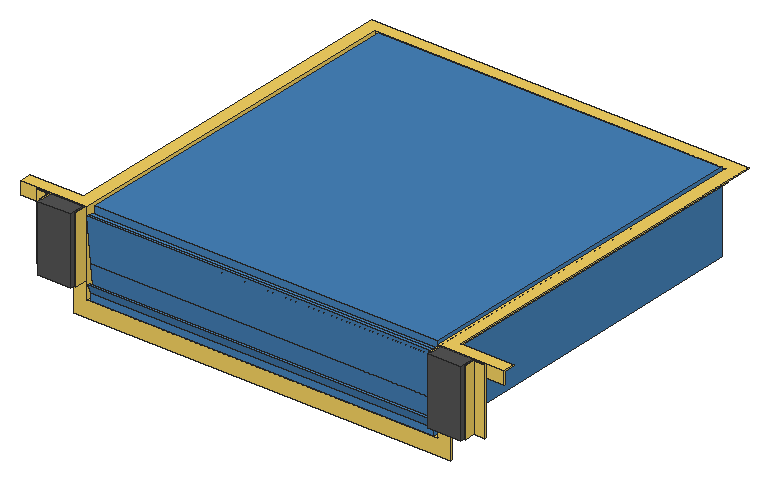
Revit family "DockLeveler_M-Series_BlueGiant", category Specialty Equipment, host Face, Revit 2026
Family settings
  Host = Face
  Round Connector Dimension = Use Diameter
  Part Type = Normal
  Enable Cutting in Views = No
  Cut with Voids When Loaded = No
  Maintain Annotation Orientation = No
  Shared = No
  Room Calculation Point = No
Parameters (values of type "7008")
  offsetangles [instance] = if(Steel Pit Angles, 0.00", Pit Depth + 24.00")  # 0.00"
  Warranty Duration (Years) = 0
  Unit Width = 83.00"
  Unit Length [instance] = 99.50"
  URL = "http://www.bluegiant.com/"
  Textured Surface [instance] = Metal - Blue Giant - Textured Surface
  Test Data = ""
  Steel Pit Angles [instance] = yes
  Steel Angle Finish [instance] = Metal - Blue Giant - Safety Yellow
  Steel Angle Extension at Opening [instance] = 16.00"
  Specification = "http://www.arcat.com/sdspecs/htm/11160blu.htm"
  SpecWizard = "http://www.arcat.com/specwizard/11160blu/index.htm?mf=&coid=38505"
  Send Message = "http://www.arcat.com/users.pl?action=UserEmail&amp;company=Blue+Giant+Equipment+Corp.&amp;coid=38505&amp;rep=119&amp;fax=905-457-2313&amp;mf=95"
  Sales Information = "http://www.bluegiant.com/Loading_Dock_Dealer_Locations.html"
  Revision = "R1_06_2014"
  Rear Pit Offset = 0.50"
  Product Properties = ""
  Product Data = "http://www.arcat.com/arcatcos/cos38/arc38505.html"
  Pit Width = 85.00"
  Pit Length = 87.00"
  Pit Depth = 20.00"
  Model = "7008"
  Manufacturer Website = "http://www.bluegiant.com/"
  Manufacturer Phone - Toll Free = "800-668-7078"
  Manufacturer Phone = "905-457-3900"
  Manufacturer Fax = "905-457-2313"
  Manufacturer Address = "85 Heart Lake Rd. S.; Brampton; ON; Canada L6W 3K2"
  Manufacturer = "Blue Giant Equipment Corp."
  Maintenance Schedule (Months) = 0
  Lip Length [instance] = 16.00"
  Lip Inset = 0.00"
  Keynote = "11600"
  Installation-Fabrication = "http://www.bluegiant.com/Guide/Loading_Dock_Equipment.html"
  Installation Phase = ""
  Include Generic Bumpers [instance] = yes
  Green Building-LEED = "http://www.arcat.com/green/clients/leed_data_38505.html"
  Generic Bumper Width [instance] = 8.00"
  Generic Bumper Height [instance] = 16.00"
  Fixture Material [instance] = Metal - Blue Giant - Blue
  Expected Lifespan (Years) = 0
  Drawn By = "Sumex Design, Inc. / Robert S. Weygant, CSI, CDT, SCIP"
  Description = "Blue Giant MU7008 Mechanical Dock Leveler as Specified"
  Default Elevation = 0.00"
  Copyright = "©Arcat Inc."
  Construction Details = "http://www.arcat.com/details/bluegian/bluegian.html?coid=38505"
  Capacity = "[30000][35000][40000][45000] lbs"
  Bumper Finish [instance] = Rubber - Blue Giant - Black
  Building Codes = ""
  Available Options = "as Specified"
  Assembly Code = "E1030300"
Types (9): name | Unit Width | Unit Length | Pit Width | Pit Length | Model | Description | Capacity
  7010 | 83.00" | 123.50" | 85.00" | 111.00" | "7010" | "Blue Giant MU7010 Mechanical Dock Leveler as Specified" | "30000 lbs"
  7008 | 83.00" | 99.50" | 85.00" | 87.00" | "7008" | "Blue Giant MU7008 Mechanical Dock Leveler as Specified" | "[30000][35000][40000][45000] lbs"
  7006 | 83.00" | 75.50" | 85.00" | 63.00" | "7006" | "Blue Giant MU7006 Mechanical Dock Leveler as Specified" | "[30000][35000][40000][45000] lbs"
  6610 | 78.00" | 123.50" | 80.00" | 111.00" | "6610" | "Blue Giant MU6610 Mechanical Dock Leveler as Specified" | "30000 lbs"
  6608 | 78.00" | 99.50" | 80.00" | 87.00" | "6608" | "Blue Giant MU6608 Mechanical Dock Leveler as Specified" | "[30000][35000][40000][45000] lbs"
  6606 | 78.00" | 75.50" | 80.00" | 63.00" | "6606" | "Blue Giant MU6606 Mechanical Dock Leveler as Specified" | "[30000][35000][40000][45000] lbs"
  6010 | 72.00" | 123.50" | 74.00" | 111.00" | "6010" | "Blue Giant MU6010 Mechanical Dock Leveler as Specified" | "30000 lbs"
  6008 | 72.00" | 99.50" | 74.00" | 87.00" | "6008" | "Blue Giant MU6008 Mechanical Dock Leveler as Specified" | "[30000][35000][40000][45000] lbs"
  6006 | 72.00" | 75.50" | 74.00" | 63.00" | "6006" | "Blue Giant MU6006 Mechanical Dock Leveler as Specified" | "[30000][35000][40000][45000] lbs"
Reference planes (in)
  plane 1 "Center (Front/Back)": y = 1.5
  plane 2: z = 0
  plane 3 "Center (Left/Right)": x = 0
  plane 4: y = 45
  plane 5 "Pit Front": y = -42
  plane 6: x = -42.5
  plane 7: x = 42.5
  plane 8: x = -41.5
  plane 9: x = 41.5
  plane 10 "Pit Base": z = -20
  plane 11: z = -19.5
  plane 12: z = 0
  plane 13 "Top of Steel Angle": z = -20
  plane 14: z = -24
  plane 15: y = -38
  plane 16: x = -40.5
  plane 17: x = 40.5
  plane 18: x = 41.5
  plane 19: x = -41.5
  plane 20: x = -43.125
  plane 21: x = 43.125
  plane 22: x = -51.125
  plane 23: x = 51.125
  plane 24: z = -16
  plane 25: x = -58.5
  plane 26: x = 58.5
Forms (in)
  Extrusion 1, void
    sketch origin (0, 0, 0) x (0, 1, 0) y (0, 0, 1)
      loop
        line (-42, 0) -> (-42, -20) -> (-38, -20) -> (45, -19.5) -> (45, 0) -> (-42, 0)
    from -42.5 to 42.5
  Sweep 2, solid, material "Metal - Blue Giant - Safety Yellow" <- "Steel Angle Finish", visible <- "Steel Pit Angles"
    path origin (-34.2385, -180, 0) x (-1, 0, 0) y (0, -1, 0)
      loop
        line (-92.7385, -138) -> (-76.7385, -138) -> (-76.7385, -225) -> (8.2615, -225) -> (8.2615, -138) -> (24.2615, -138)
    profile origin (-50.5, -42, 0) x (0, -1, 0) y (0, 0, 1)
      loop
        line (0, 0) -> (-3, 0) -> (-3, -0.25) -> (-0.25, -0.25) -> (-0.25, -3) -> (0, -3) -> (0, 0)
  Sweep 3, void
    path origin (-34.2385, -180, 0) x (-1, 0, 0) y (0, -1, 0)
      loop
        line (-92.7385, -138) -> (-76.7385, -138) -> (-76.7385, -225) -> (8.2615, -225) -> (8.2615, -138) -> (24.2615, -138)
    profile origin (-50.5, -42, 0) x (0, -1, 0) y (0, 0, 1)
      loop
        line (0, 0) -> (-3, 0) -> (-3, -0.25) -> (-0.25, -0.25) -> (-0.25, -3) -> (0, -3) -> (0, 0)
  Extrusion 4, solid, material "Metal - Blue Giant - Safety Yellow" <- "Steel Angle Finish", visible <- "Steel Pit Angles"
    sketch origin (0, 0, 0) x (1, 0, 0) y (0, 1, 0)
      loop
        line (-42.5, -42) -> (-42.5, -39) -> (-42.75, -39) -> (-42.75, -41.75) -> (-45.5, -41.75) -> (-45.5, -42) -> (-42.5, -42)
      loop
        line (42.5, -42) -> (45.5, -42) -> (45.5, -41.75) -> (42.75, -41.75) -> (42.75, -39) -> (42.5, -39) -> (42.5, -42)
    from -24 to -3
  Extrusion 5, void
    sketch origin (0, 0, 0) x (1, 0, 0) y (0, 1, 0)
      loop
        line (-42.5, -39) -> (-42.75, -39) -> (-42.75, -41.75) -> (-45.5, -41.75) -> (-45.5, -42) -> (-42.5, -42) -> (-42.5, -39)
      loop
        line (42.5, -39) -> (42.5, -42) -> (45.5, -42) -> (45.5, -41.75) -> (42.75, -41.75) -> (42.75, -39) -> (42.5, -39)
    from -24 to 0
  Sweep 6, solid, material "Metal - Blue Giant - Safety Yellow" <- "Steel Angle Finish", visible <- "Steel Pit Angles"
    path origin (0, 1.5, 0) x (1, 0, 0) y (0, 0, 1)
      loop
        line (-42.5, -20) -> (42.5, -20)
    profile origin (0, 1.5, -20) x (0, 0, 1) y (0, -1, 0)
      loop
        line (0, 43.5) -> (-4, 43.5) -> (-4, 43.25) -> (-0.25, 43.25) -> (-0.25, 39.5) -> (0, 39.5) -> (0, 43.5)
  Sweep 7, void
    path origin (0, 1.5, 0) x (1, 0, 0) y (0, 0, 1)
      loop
        line (-42.5, -20) -> (42.5, -20)
    profile origin (0, 1.5, -20) x (0, 0, 1) y (0, -1, 0)
      loop
        line (0, 43.5) -> (-4, 43.5) -> (-4, 43.25) -> (-0.25, 43.25) -> (-0.25, 39.5) -> (0, 39.5) -> (0, 43.5)
  Extrusion 8, solid, material "Metal - Blue Giant - Blue" <- "Fixture Material"
    sketch origin (0, 0, 0) x (0, 1, 0) y (0, 0, 1)
      loop
        line (45, -19.5) -> (45, 0) -> (-40.75, 0) -> (-40.75, -17.0303) -> (-42, -17.0303) -> (-42.375, -16) -> (-42.76955, -16.1436) -> (-42, -18.25791) -> (-42, -20) -> (-38, -20) -> (45, -19.5)
    from -41.5 to 41.5
  Extrusion 9, solid, material "Metal - Blue Giant - Blue" <- "Fixture Material"
    sketch origin (0, 0, 0) x (0, 1, 0) y (0, 0, 1)
      loop
        line (-40.77952, -16.9129) -> (-42.45197, -1.00055) -> (-43.07355, -1.06588) -> (-41.92374, -12.00562) -> (-41.22745, -16.95998) -> (-40.77952, -16.9129)
    from -41.5 to 41.5
  Extrusion 10, solid, material "Metal - Blue Giant - Safety Yellow" <- "Steel Angle Finish", visible <- "Include Generic Bumpers"
    sketch origin (0, 0, 0) x (1, 0, 0) y (0, 1, 0)
      loop
        line (-43.125, -42) -> (-43.125, -45) -> (-42.75, -45) -> (-42.75, -42) -> (-43.125, -42)
      loop
        line (-54.125, -42) -> (-54.125, -42.375) -> (-51.5, -42.375) -> (-51.5, -45) -> (-51.125, -45) -> (-51.125, -42) -> (-54.125, -42)
      loop
        line (43.125, -42) -> (42.75, -42) -> (42.75, -45) -> (43.125, -45) -> (43.125, -42)
      loop
        line (54.125, -42) -> (51.125, -42) -> (51.125, -45) -> (51.5, -45) -> (51.5, -42.375) -> (54.125, -42.375) -> (54.125, -42)
    from 0 to -16
  Extrusion 11, solid, material "Rubber - Blue Giant - Black" <- "Bumper Finish", visible <- "Include Generic Bumpers"
    sketch origin (0, 0, 0) x (1, 0, 0) y (0, 1, 0)
      loop
        line (-51.125, -42) -> (-51.125, -46) -> (-43.125, -46) -> (-43.125, -42) -> (-51.125, -42)
      loop
        line (51.125, -42) -> (43.125, -42) -> (43.125, -46) -> (51.125, -46) -> (51.125, -42)
    from 0 to -16
  Extrusion 12, solid, material "Metal - Blue Giant - Blue" <- "Fixture Material"
    sketch origin (0, 0, 0) x (0, 1, 0) y (0, 0, 1)
      loop
        circle (-41.54383, -2.08341) r 0.8125
    from -41.5 to 41.5
Cuts and joins
  joined: Extrusion 4, Sweep 6
Lines and regions (in)
  reference lines
    curve 1: line (0, 45, -19.5) -> (0, -38, -20)
  model lines, style "InvisibleLines"
    curve 2: line (0, 45, 0) -> (0, 45, 12)
Dimensions and locks (in)
  equal spacing: plane 4, plane 1 "Center (Front/Back)", plane 5 "Pit Front"
  "Pit Length": plane 4 to plane 5 "Pit Front"
  equal spacing: plane 6, plane 3 "Center (Left/Right)", plane 7
  "Pit Width": plane 6 to plane 7
  "Unit Width": plane 8 to plane 9
  "Pit Depth": level to plane 10 "Pit Base"
  "Rear Pit Offset": plane 11 to plane 10 "Pit Base"
  "Pit Depth": plane 12 to plane 13 "Top of Steel Angle"
  "offsetangles": plane 12 to level
  plane 12 to Sweep 2 sketch curve to Sweep 2 sketch curve = 0.25" locked, 2.75" locked
  plane 5 "Pit Front" to Sweep 2 sketch curve to Sweep 2 sketch curve = 0.25" locked, 2.75" locked
  locked: Sweep 3 sketch curve to Sweep 3 sketch curve at 2.75  (x2)
  locked: plane 12 to Sweep 3 sketch curve at 0.25
  locked: plane 5 "Pit Front" to Sweep 3 sketch curve at 0.25
  locked: plane 5 "Pit Front" to Extrusion 1 sketch curve at 4
  Extrusion 4 sketch curve to Extrusion 4 sketch curve to plane 5 "Pit Front" = 2.75" locked, 0.25" locked
  Extrusion 4 sketch curve to Extrusion 4 sketch curve to plane 6 = 2.75" locked, 0.25" locked
  locked: Extrusion 4 sketch curve to Extrusion 4 sketch curve at 2.75  (x2)
  locked: plane 7 to Extrusion 4 sketch curve at 0.25
  locked: Extrusion 4 sketch curve to plane 5 "Pit Front" at 0.25
  locked: plane 13 "Top of Steel Angle" to plane 14 at 4
  Extrusion 5 sketch curve to Extrusion 5 sketch curve to plane 6 = 2.75" locked, 0.25" locked
  Extrusion 5 sketch curve to Extrusion 5 sketch curve to plane 5 "Pit Front" = 2.75" locked, 0.25" locked  (x2)
  plane 7 to Extrusion 5 sketch curve to Extrusion 5 sketch curve = 0.25" locked, 2.75" locked
  plane 5 "Pit Front" to Sweep 6 sketch curve to Sweep 6 sketch curve = 0.25" locked, 3.75" locked
  locked: plane 13 "Top of Steel Angle" to Sweep 6 sketch curve at 0.25
  locked: Sweep 7 sketch curve to Sweep 7 sketch curve at 3.75
  locked: plane 13 "Top of Steel Angle" to Sweep 7 sketch curve at 0.25
  locked: plane 5 "Pit Front" to Sweep 7 sketch curve at 0.25
  locked: Extrusion 8 sketch curve to plane 4
  locked: plane 15 to plane 5 "Pit Front" at 4
  locked: plane 5 "Pit Front" to Extrusion 8 sketch curve at 1.25
  "Lip Length": Extrusion 9 sketch curve to Extrusion 9 sketch curve
  plane 5 "Pit Front" to Extrusion 10 sketch curve to Extrusion 10 sketch curve = 0.375" locked, 2.625" locked  (x2)
  locked: plane 5 "Pit Front" to Extrusion 10 sketch curve at 3  (x2)
  locked: plane 5 "Pit Front" to Extrusion 11 sketch curve at 4  (x2)
  locked: plane 17 to plane 18 at 1
  locked: plane 19 to plane 16 at 1
  "Lip Inset": plane 8 to plane 19
  "Lip Inset": plane 18 to plane 9
  plane 6 to plane 19 = 1.00"
  plane 18 to plane 7 = 1.00"
  level to Extrusion 9 sketch curve to Extrusion 9 sketch curve = 12.00562" locked, 4.95436" locked
  locked: plane 20 to plane 6 at 0.625
  locked: plane 7 to plane 21 at 0.625
  "Generic Bumper Width": plane 22 to plane 20
  "Generic Bumper Width": plane 21 to plane 23
  locked: plane 20 to Extrusion 10 sketch curve at 0.375
  Extrusion 10 sketch curve to Extrusion 10 sketch curve to plane 22 = 2.625" locked, 0.375" locked
  locked: Extrusion 10 sketch curve to plane 21 at 0.375
  plane 23 to Extrusion 10 sketch curve to Extrusion 10 sketch curve = 0.375" locked, 2.625" locked
  "Generic Bumper Height": level to plane 24
  "Steel Angle Extension at Opening": plane 25 to plane 6
  "Steel Angle Extension at Opening": plane 7 to plane 26
  Extrusion 8 sketch curve to Extrusion 8 sketch curve to Extrusion 8 sketch curve to Extrusion 8 sketch curve to plane 10 "Pit Base" = 0.1436" locked, 0.8867" locked, 1.22761" locked, 1.74209" locked
  locked: plane 5 "Pit Front" to Extrusion 9 sketch curve at 1.22048
  locked: plane 5 "Pit Front" to Extrusion 12 sketch curve at 0.45617
  locked: level to Extrusion 12 sketch curve at 2.08341
  equal spacing: plane 8, plane 3 "Center (Left/Right)", plane 9
  locked: Extrusion 9 sketch curve to Extrusion 9 sketch curve (angle 92.00°)
  aligned and locked: host face to plane 2
  aligned and locked: host face to level
  aligned and locked: Extrusion 1 sketch curve to plane 4
  aligned and locked: level to Extrusion 1 sketch curve
  aligned and locked: Extrusion 1 sketch curve to plane 5 "Pit Front"
  aligned and locked: plane 11 to Extrusion 1 sketch curve
  aligned and locked: Extrusion 1 to plane 7
  aligned and locked: Extrusion 1 to plane 6
  aligned and locked: Sweep 2 sketch curve to plane 6
  aligned and locked: Sweep 2 sketch curve to plane 7
  aligned and locked: Sweep 2 sketch curve to plane 4
  aligned and locked: plane 12 to Sweep 2 sketch curve
  aligned and locked: plane 5 "Pit Front" to Sweep 2 sketch curve
  aligned and locked: Sweep 3 sketch curve to plane 6
  aligned and locked: Sweep 3 sketch curve to plane 4
  aligned and locked: Sweep 3 sketch curve to plane 7
  aligned and locked: plane 5 "Pit Front" to Sweep 3 sketch curve  (x3)
  aligned and locked: plane 12 to Sweep 3 sketch curve
  aligned and locked: plane 5 "Pit Front" to Extrusion 4 sketch curve  (x2)
  aligned and locked: Extrusion 4 sketch curve to plane 6
  aligned and locked: Extrusion 4 sketch curve to plane 7
  aligned: Extrusion 4 to plane 12
  aligned and locked: Extrusion 4 to plane 14
  aligned and locked: Extrusion 5 sketch curve to plane 6
  aligned and locked: Extrusion 5 sketch curve to plane 5 "Pit Front"  (x2)
  aligned and locked: Extrusion 5 sketch curve to plane 7
  aligned and locked: Extrusion 5 to plane 12
  aligned and locked: Extrusion 5 to plane 14
  aligned and locked: Sweep 6 sketch curve to plane 13 "Top of Steel Angle"  (x2)
  aligned and locked: Sweep 6 sketch curve to plane 7
  aligned and locked: Sweep 6 sketch curve to plane 6
  aligned and locked: plane 5 "Pit Front" to Sweep 6 sketch curve
  aligned and locked: Sweep 6 sketch curve to plane 14
  aligned and locked: Sweep 7 sketch curve to plane 13 "Top of Steel Angle"  (x2)
  aligned and locked: Sweep 7 sketch curve to plane 7
  aligned and locked: Sweep 7 sketch curve to plane 6
  aligned and locked: plane 5 "Pit Front" to Sweep 7 sketch curve
  aligned and locked: Sweep 7 sketch curve to plane 14
  aligned and locked: Extrusion 8 sketch curve to level
  aligned and locked: Extrusion 8 sketch curve to plane 5 "Pit Front"
  aligned and locked: plane 15 to curve 1
  aligned and locked: plane 10 "Pit Base" to curve 1
  aligned and locked: plane 4 to curve 1
  aligned and locked: plane 11 to curve 1
  aligned and locked: curve 1 to Extrusion 8 sketch curve
  aligned and locked: Extrusion 8 to plane 8
  aligned and locked: Extrusion 8 to plane 9
  aligned: Extrusion 9 to plane 9
  aligned: Extrusion 9 to plane 8
  aligned and locked: Extrusion 10 sketch curve to plane 5 "Pit Front"  (x4)
  aligned and locked: Extrusion 11 sketch curve to plane 5 "Pit Front"  (x2)
  aligned and locked: Extrusion 9 to plane 18
  aligned and locked: plane 19 to Extrusion 9
  aligned and locked: plane 21 to Extrusion 11 sketch curve
  aligned and locked: plane 23 to Extrusion 11 sketch curve
  aligned and locked: plane 20 to Extrusion 11 sketch curve
  aligned and locked: plane 22 to Extrusion 11 sketch curve
  aligned and locked: plane 22 to Extrusion 10 sketch curve
  aligned and locked: Extrusion 10 sketch curve to plane 20
  aligned and locked: Extrusion 10 sketch curve to plane 21
  aligned and locked: plane 23 to Extrusion 10 sketch curve
  aligned and locked: plane 24 to Extrusion 11
  aligned and locked: plane 24 to Extrusion 10
  aligned and locked: plane 26 to Sweep 3 sketch curve
  aligned and locked: plane 25 to Sweep 3 sketch curve
  aligned and locked: plane 25 to Sweep 2 sketch curve
  aligned and locked: plane 26 to Sweep 2 sketch curve
  aligned and locked: Extrusion 12 to plane 18
  aligned and locked: plane 19 to Extrusion 12
Automatic sketch dimensions
  host sketch curve to host sketch curve = 144.00"
  host sketch curve to host sketch curve = 143.00"
  Extrusion 1 sketch curve to plane 10 "Pit Base" = 0.00"
  Sweep 2 sketch curve to plane 5 "Pit Front" = 0.00"
  plane 5 "Pit Front" to Sweep 2 sketch curve = 0.00"
  Extrusion 10 sketch curve to plane 5 "Pit Front" = 0.00"
  Extrusion 8 sketch curve to plane 5 "Pit Front" = 0.00"
  Extrusion 8 sketch curve to plane 10 "Pit Base" = 0.00"
  Extrusion 9 sketch curve to Extrusion 9 sketch curve = 0.62158"
  Extrusion 9 sketch curve to Extrusion 9 sketch curve = 1.14422"
  curve 2 to plane 3 "Center (Left/Right)" = 0.00"
  curve 2 to level = 0.00"
  level to curve 2 = 12.00"
  radius of Extrusion 12 sketch curve = 0.8125"
